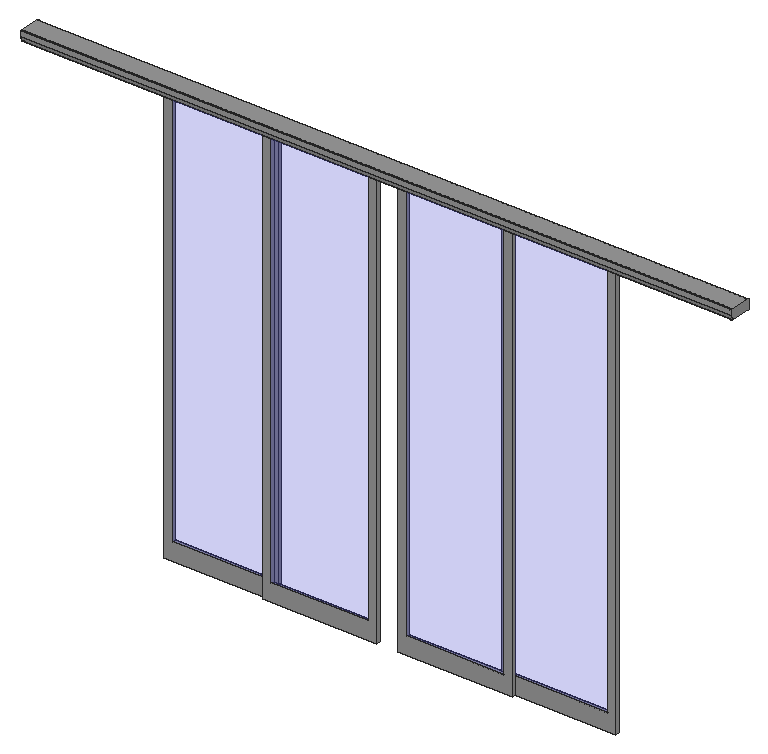
Revit family "DAS200T 4AM EN", category Doors, host Wall, Revit 2019
Family settings
  Host = Wall
  OmniClass Number = 23.30.10.00
  OmniClass Title = Doors
  Always vertical = Yes
  Cut with Voids When Loaded = No
  Shared = No
  Room Calculation Point = No
Parameters
  Width/4 = Width / 4  # 500 mm
  Weight = 320.00 kg
  Velocity = 0.7 m/s
  Uniclass 2015 Name = "Automatic sliding door operator"
  Uniclass 2.0 Description = "Sliding Doorset Systems"
  Uniclass 2.0 Code = "SS_25-30-20-77"
  Uniclass 1.4 Description = "Doors"
  Uniclass 1.4 Code = "JL20"
  Unicalss 2015 Code = "Pr 73_30_23_05"
  UNSPSC Code = "301715"
  Operator position [instance] = Calc Operator Length / 2  # 1675 mm
  Open door 2 [instance] = Open door 1 / 2  # 25 mm
  Open door 1 [instance] = if(Open door < 1 mm, 1 mm, (if(Open door < Width / 2, Open door, Width / 2)))  # 50 mm
  Open door [instance] = 50 mm
  Max Width = 4323 mm  # constant formula
  Max Operator Length = 6600 mm  # constant formula
  Frame Width = Calc Width / 4 + 40 mm  # 540 mm
  Frame = Aluminum + Glass
  Region South America = "All"
  Region Oceania = "All"
  Region North America = "All"
  Region Middle East = "All"
  Region Europe = "All"
  Region Asia = "All"
  Region Antartica = "All"
  QR code = ""
  Protection rating = "IP20"
  Product group = "Sliding Automatic Doors"
  Product family = "Automatic Doors"
  Power supply = "100÷240 Vac @ 50/60 MHz"
  Operator = Aluminum
  Operating temperature = "-20 ° C / +50 ° C"
  OmniClass Description = "Doors"
  OmniClass Code = "23-17 11 00"
  NBS Reference Description = "Sliding Doorset Systems"
  NBS Reference Code = "25-30-20-77"
  Max nominal power = "150 W"
  Masterformat 2016 Description = "Operation and Maintenance of Sliding Glass Doors"
  Masterformat 2016 Code = "08 01 32"
  Manufacturer name = "Entrematic Italy"
  Manufacturer country = "China"
  Operator Length = Calc Width + Calc Width / 2 + 40 mm  # 3040 mm
  Width = 2000 mm
  IFC Classification = "Door"
  Endurance test = "1000000 cyrcle"
  Edition number = "1"
  Drive type = "electromechanical unit"
  Dimensions = "120x265 mm"
  Design country = "Italy"
  Description = "automation for sliding doors"
  Calc Width = if(Width > 950 mm, Width, (if(Width < Max Width, Width, Max Width)))  # 2000 mm
  Calc Operator Length [instance] = if(Operator Length < Width + Width / 2 + 350 mm, Width + Width / 2 + 350 mm, (if(Operator Length < Max Operator Length, Operator Length, 5600 mm)))  # 3350 mm
  Brand url = "http://www.ditecentrematic.com/"
  Brand = "Ditec"
  BIMobject Category = "Sliding"
  Wall Closure = By host
  Auxiliary power = "1 A @ 24 Vdc"
  Height = 2000 mm
Reference planes
  plane 1: y = 0
  plane 2 "Centro (Sinistra/Destra)": x = 0
  plane 3 "Sinistra": x = -1000
  plane 4 "Destra": x = 1000
  plane 5: z = 2000
  plane 6 "Esterni": y = 75
  plane 7 "Interno": y = -75
  plane 8: x = 2640
  plane 9: x = -2640
  plane 10: y = -76
  plane 11: x = 50
  plane 12: x = -1675
  plane 13: x = 525
  plane 14: y = -91
  plane 15: x = 500
  plane 16: x = -500
  plane 17: x = -50
  plane 18: x = -525
Lines and regions (mm)
  Opening 1
    outline origin (-3050, -75, 0) x (1, 0, 0) y (0, 0, 1)
      loop
        line (2050, 0) -> (4050, 0) -> (4050, 2000) -> (2050, 2000) -> (2050, 0)
Text (mm)
  text "Exterior" at (-2295.016, 1099.543, 0), in view "Livello rif."
  text "Exterior" at (0, 1615.38, 3698.081), in view "Sinistra"
  text "Exterior" at (0, 1036.032, 3874.932), in view "Destra"
Dimensions and locks
  equal spacing: plane 3 "Sinistra", plane 2 "Centro (Sinistra/Destra)", plane 4 "Destra"
  "Calc Width": plane 3 "Sinistra" to plane 4 "Destra"
  "Height": plane 5 to host wall
  host wall to plane 5 = 2000 mm  (x2)
  locked: plane 6 "Esterni" to host wall at 0
  locked: plane 7 "Interno" to host wall
  "Open door 1": plane 11 to plane 2 "Centro (Sinistra/Destra)"
  "Width/4": plane 2 "Centro (Sinistra/Destra)" to plane 16
  "Width/4": plane 15 to plane 2 "Centro (Sinistra/Destra)"
  "Open door 2": plane 13 to plane 15
  "Open door 1": plane 2 "Centro (Sinistra/Destra)" to plane 17
  "Open door 2": plane 16 to plane 18
  "Operator position": plane 2 "Centro (Sinistra/Destra)" to plane 12
  locked: plane 7 "Interno" to plane 10 at 1
  locked: plane 10 to plane 14 at 15
  aligned and locked: plane 3 "Sinistra" to Opening 1 sketch curve
  aligned and locked: plane 5 to Opening 1 sketch curve  (x2)
  aligned and locked: Opening 1 sketch curve to plane 4 "Destra"
  aligned and locked: Opening 1 sketch curve to level
  aligned and locked: plane 1 to host wall
  aligned and locked: plane 5 to nested 2
  aligned and locked: nested 2 to plane 7 "Interno"
  aligned and locked: nested 3 to plane 10
  aligned and locked: plane 7 "Interno" to nested 4
  aligned and locked: nested 5 to plane 5
  aligned and locked: nested 7 to plane 7 "Interno"
  aligned and locked: plane 5 to nested 7
  aligned and locked: nested 5 to plane 10
  aligned and locked: nested 6 to plane 14
  aligned and locked: nested 1 to plane 14
  aligned and locked: plane 13 to nested 3
  aligned and locked: nested 5 to plane 13
  aligned and locked: plane 11 to nested 6
  aligned and locked: nested 1 to plane 11
  aligned and locked: plane 12 to nested 7
  aligned and locked: nested 2 to plane 12
  aligned and locked: nested 9 to plane 18
  aligned and locked: plane 18 to nested 10
  aligned and locked: nested 11 to plane 17
  aligned and locked: plane 17 to nested 8
  aligned and locked: nested 4 to plane 12
  aligned and locked: nested 10 to plane 10
  aligned and locked: plane 14 to nested 11
  aligned and locked: plane 10 to nested 9
  aligned and locked: plane 14 to nested 8
Nested families
  nested 1: "Frame" at (-93.022, -116, 0), Frame <- "Operator", Glass <- "Frame", Hight <- "Height", Length <- "Frame Width", type "Frame", detail levels medium+fine
    with Length 540 mm, Hight 2000 mm, Glass Aluminum + Glass, Frame Aluminum
  nested 2: "Operator" at (0, -146.5, 2000), Operator Length <- "Calc Operator Length", Operator Material <- "Operator", type "Operator", detail levels coarse+medium
    with Operator Material Aluminum, Operator Length 3350 mm
  nested 3: "Frame" at (1208.022, -101, 0) x (-1, 0, 0) z (0, 0, 1), Frame <- "Operator", Glass <- "Frame", Hight <- "Height", Length <- "Frame Width", type "Frame", detail levels medium+fine
    with Length 540 mm, Hight 2000 mm, Glass Aluminum + Glass, Frame Aluminum
  nested 4: "Family1" at (-1307.348, -140.409, 0), Operator <- "Calc Operator Length", type "Family1"
    with Operator 3350 mm
  nested 5: "Frame LOW" at (381.978, -83.5, 0), Hight <- "Height", Length <- "Frame Width", Glass <- "Frame", type "Frame LOW", detail levels coarse
    with Length 540 mm, Hight 2000 mm, Glass Aluminum + Glass, Frame none
  nested 6: "Frame LOW" at (-93.022, -98.5, 0), Hight <- "Height", Length <- "Frame Width", Glass <- "Frame", type "Frame LOW", detail levels coarse
    with Length 540 mm, Hight 2000 mm, Glass Aluminum + Glass, Frame none
  nested 7: "Operator DETTAGLIO" at (0, -146.5, 2000), Operator Length <- "Calc Operator Length", Operator Material <- "Operator", type "Operator DETTAGLIO", detail levels fine
    with Operator Material Aluminum, Operator Length 3350 mm
  nested 8: "Frame" at (93.022, -116, 0) x (-1, 0, 0) z (0, 0, 1), Frame <- "Operator", Glass <- "Frame", Hight <- "Height", Length <- "Frame Width", type "Frame", detail levels medium+fine
    with Length 540 mm, Hight 2000 mm, Glass Aluminum + Glass, Frame Aluminum
  nested 9: "Frame" at (-1208.022, -101, 0), Frame <- "Operator", Glass <- "Frame", Hight <- "Height", Length <- "Frame Width", type "Frame", detail levels medium+fine
    with Length 540 mm, Hight 2000 mm, Glass Aluminum + Glass, Frame Aluminum
  nested 10: "Frame LOW" at (-381.978, -83.5, 0) x (-1, 0, 0) z (0, 0, 1), Hight <- "Height", Length <- "Frame Width", Glass <- "Frame", type "Frame LOW", detail levels coarse
    with Length 540 mm, Hight 2000 mm, Glass Aluminum + Glass, Frame none
  nested 11: "Frame LOW" at (93.022, -98.5, 0) x (-1, 0, 0) z (0, 0, 1), Hight <- "Height", Length <- "Frame Width", Glass <- "Frame", type "Frame LOW", detail levels coarse
    with Length 540 mm, Hight 2000 mm, Glass Aluminum + Glass, Frame none
Connectors
  electrical at (0, -125, 2050)
    settings: on nested 2, index 1, voltage 100 V, apparent load 0 VA, apparent load phase1 0 VA, apparent load phase2 0 VA, apparent load phase3 0 VA, power factor 1, load classification "Altro", number of poles 1, system type 31, power factor state 1, is connector primary yes, connector utility no, sub classification motor no, connector description ""
Definition of nested family "Frame"
  Parameters (values of type "Frame")
    Glass [instance] = none
    Frame [instance] = none
    Length [instance] = 1000 mm
    Hight [instance] = 2000 mm
  Reference planes
    plane 1 "Centro (Fronte/Retro)": y = 0
    plane 2: z = 0
    plane 3 "Centro (Sinistra/Destra)": x = 0
    plane 4: x = 683.022
    plane 5: x = -316.978
    plane 6: x = -276.978
    plane 7: x = 643.022
    plane 8: z = 2000
    plane 9: y = 10
    plane 10: y = 25
    plane 11: z = 80
    plane 12: z = 1960
  Forms (mm)
    Extrusion 1, solid, material <- "Frame"
      sketch origin (0, 0, 0) x (1, 0, 0) y (0, 0, 1)
        loop
          line (683.022, 0) -> (683.022, 2000) -> (-316.978, 2000) -> (-316.978, 0) -> (683.022, 0)
        loop
          line (-276.978, 1960) -> (-276.978, 80) -> (643.022, 80) -> (643.022, 1960) -> (-276.978, 1960)
      from -25 to -10
    Extrusion 2, solid, material <- "Glass"
      sketch origin (0, 0, 0) x (1, 0, 0) y (0, 0, 1)
        loop
          line (643.022, 1960) -> (-276.978, 1960) -> (-276.978, 80) -> (643.022, 80) -> (643.022, 1960)
      from -25 to -10
  Lines and regions (mm)
    symbolic lines, detail levels medium+fine
      curve 1: line (683.022, 25, 0) -> (-316.978, 25, 0)
      curve 2: line (-316.978, 10, 0) -> (683.022, 10, 0)
      curve 3: line (-316.978, 25, 0) -> (-316.978, 10, 0)
      curve 4: line (-276.978, 25, 0) -> (-276.978, 10, 0)
      curve 5: line (643.022, 10, 0) -> (643.022, 25, 0)
      curve 6: line (683.022, 10, 0) -> (683.022, 25, 0)
    symbolic lines, detail levels fine
      curve 7: line (-276.978, 22.02, 0) -> (643.022, 22.02, 0)
      curve 8: line (643.022, 12.645, 0) -> (-276.978, 12.645, 0)
  Dimensions and locks
    locked: plane 7 to plane 4 at 40
    locked: plane 5 to plane 6 at 40
    plane 8 to plane 2 = 2000 mm
    plane 10 to plane 9 to plane 1 "Centro (Fronte/Retro)" = 15 mm, 10 mm
    locked: plane 12 to plane 8 at 40
    locked: plane 2 to plane 11 at 80
    "Length": plane 4 to plane 5
    "Hight": plane 8 to plane 2
    aligned and locked: level to plane 2
    aligned and locked: plane 4 to Extrusion 1 sketch curve
    aligned and locked: plane 2 to Extrusion 1 sketch curve
    aligned and locked: plane 5 to Extrusion 1 sketch curve
    aligned and locked: plane 8 to Extrusion 1 sketch curve
    aligned and locked: plane 12 to Extrusion 1 sketch curve
    aligned and locked: plane 7 to Extrusion 1 sketch curve
    aligned and locked: plane 11 to Extrusion 1 sketch curve
    aligned and locked: plane 6 to Extrusion 1 sketch curve
    aligned and locked: plane 10 to Extrusion 1
    aligned and locked: Extrusion 1 to plane 9
    aligned and locked: Extrusion 2 sketch curve to plane 12
    aligned and locked: Extrusion 2 sketch curve to plane 7
    aligned and locked: Extrusion 2 sketch curve to plane 6
    aligned and locked: Extrusion 2 sketch curve to plane 11
    aligned and locked: Extrusion 2 to plane 9
    aligned and locked: curve 1 to Extrusion 1
    aligned and locked: curve 2 to Extrusion 1
    aligned and locked: curve 3 to Extrusion 1
    aligned and locked: curve 4 to Extrusion 2
    aligned and locked: curve 5 to Extrusion 2
    aligned and locked: curve 6 to Extrusion 1
  Automatic sketch dimensions
    curve 1 to plane 5 = 0 mm
    curve 4 to plane 6 = 0 mm
    curve 8 to plane 7 = 0 mm
    curve 6 to plane 4 = 0 mm
    curve 4 to plane 9 = 0 mm
    curve 6 to plane 10 = 0 mm
    plane 9 to curve 8 = 2.645 mm
    curve 7 to curve 4 = 2.98 mm
Definition of nested family "Operator"
  Parameters (values of type "Operator")
    Operator Material [instance] = none
    Operator Length [instance] = 3000 mm
  Reference planes
    plane 1 "Centro (Fronte/Retro)": y = 0
    plane 2: z = 0
    plane 3 "Centro (Sinistra/Destra)": x = 0
    plane 4: y = 71.5
    plane 5: y = -28.5
    plane 6: x = -1500
    plane 7: x = 1500
    plane 8: z = 50
  Forms (mm)
    Extrusion 1, solid, material <- "Operator Material"
      sketch origin (0, 0, 0) x (1, 0, 0) y (0, 1, 0)
        loop
          line (-1500, 71.5) -> (-1500, -28.5) -> (1500, -28.5) -> (1500, 71.5) -> (-1500, 71.5)
      from 0 to 50
  Dimensions and locks
    equal spacing: plane 6, plane 3 "Centro (Sinistra/Destra)", plane 7
    plane 8 to plane 2 = 50 mm
    plane 4 to plane 5 = 100 mm
    "Operator Length": plane 6 to plane 7
    aligned and locked: level to plane 2
    aligned and locked: Extrusion 1 sketch curve to plane 4
    aligned and locked: Extrusion 1 sketch curve to plane 6
    aligned and locked: Extrusion 1 sketch curve to plane 7
  Automatic sketch dimensions
    plane 5 to Extrusion 1 sketch curve = 0 mm
Definition of nested family "Frame LOW"
  Parameters (values of type "Frame LOW")
    Glass [instance] = none
    Frame [instance] = none
    Length [instance] = 1000 mm
    Hight [instance] = 2000 mm
  Reference planes
    plane 1 "Centro (Fronte/Retro)": y = 0
    plane 2: z = 0
    plane 3 "Centro (Sinistra/Destra)": x = 0
    plane 4: x = 683.022
    plane 5: x = -316.978
    plane 6: x = -276.978
    plane 7: x = 643.022
    plane 8: z = 2000
    plane 9: y = -7.5
    plane 10: y = 7.5
    plane 11: z = 80
    plane 12: z = 1960
  Forms (mm)
    Extrusion 1, solid, material <- "Glass"
      sketch origin (0, 0, 0) x (1, 0, 0) y (0, 0, 1)
        loop
          line (683.022, 2000) -> (-316.978, 2000) -> (-316.978, 0) -> (683.022, 0) -> (683.022, 2000)
      from -7.5 to 7.5
  Dimensions and locks
    locked: plane 7 to plane 4 at 40
    locked: plane 5 to plane 6 at 40
    plane 8 to plane 2 = 2000 mm
    plane 10 to plane 1 "Centro (Fronte/Retro)" to plane 9 = 7.5 mm, 7.5 mm
    locked: plane 12 to plane 8 at 40
    locked: plane 2 to plane 11 at 80
    "Length": plane 4 to plane 5
    "Hight": plane 8 to plane 2
    aligned and locked: level to plane 2
    aligned and locked: Extrusion 1 sketch curve to plane 5
    aligned and locked: plane 8 to Extrusion 1 sketch curve
    aligned and locked: Extrusion 1 sketch curve to plane 4
    aligned and locked: plane 2 to Extrusion 1 sketch curve
    aligned and locked: plane 10 to Extrusion 1
    aligned and locked: Extrusion 1 to plane 9
Definition of nested family "Operator DETTAGLIO"
  Parameters (values of type "Operator DETTAGLIO")
    Operator Material [instance] = none
    Operator Length [instance] = 2000 mm
  Reference planes
    plane 1 "Centro (Fronte/Retro)": y = 0
    plane 2: z = 0
    plane 3 "Centro (Sinistra/Destra)": x = 0
    plane 4: y = 71.5
    plane 5: y = -71.5
    plane 6: x = -1000
    plane 7: x = 1000
    plane 8: z = 120
    plane 9: x = -280
    plane 10: x = 280
    plane 11: y = 68.044
    plane 12: x = -963.344
  Forms (mm)
    Extrusion 1, solid, material <- "Operator Material"
      sketch origin (0, 0.003, 63.383) x (0, 1, 0) y (0, 0, 1)
        loop
          arc (70.713, -63.383) -> (71.269, -63.153) -> (71.5, -62.596) r 0.787
          line (71.5, -62.596) -> (71.5, -16.533)
          arc (71.5, -16.533) -> (71.269, -15.976) -> (70.713, -15.746) r 0.787
          line (70.713, -15.746) -> (-21.686, -15.746) -> (-27.516, -16.57) -> (-27.516, -17.946) -> (-28.5, -19.559) -> (-28.5, -44.092) -> (-22.409, -62.839)
          arc (-22.409, -62.839) -> (-22.123, -63.233) -> (-21.66, -63.383) r 0.787
          line (-21.66, -63.383) -> (70.713, -63.383)
      from -1000 to 1000
  Dimensions and locks
    equal spacing: plane 6, plane 3 "Centro (Sinistra/Destra)", plane 7
    equal spacing: plane 4, plane 1 "Centro (Fronte/Retro)", plane 5
    plane 8 to plane 2 = 120 mm
    locked: plane 4 to plane 5 at 143
    "Operator Length": plane 6 to plane 7
    locked: plane 9 to plane 3 "Centro (Sinistra/Destra)" at 280
    locked: plane 3 "Centro (Sinistra/Destra)" to plane 10 at 280
    locked: plane 11 to plane 4 at 3.456
    aligned and locked: level to plane 2
    aligned and locked: plane 7 to Extrusion 1
    aligned and locked: Extrusion 1 to plane 6
    aligned and locked: plane 2 to Extrusion 1 sketch curve
  Automatic sketch dimensions
    Extrusion 1 sketch curve to plane 1 "Centro (Fronte/Retro)" = 28.497 mm
    Extrusion 1 sketch curve to plane 1 "Centro (Fronte/Retro)" = 27.512 mm
    Extrusion 1 sketch curve to level = 0.544 mm
    Extrusion 1 sketch curve to plane 1 "Centro (Fronte/Retro)" = 22.405 mm
    Extrusion 1 sketch curve to plane 1 "Centro (Fronte/Retro)" = 21.682 mm
    Extrusion 1 sketch curve to Extrusion 1 sketch curve = 0.749 mm
    plane 4 to Extrusion 1 sketch curve = 0.784 mm  (x2)
    Extrusion 1 sketch curve to plane 4 = 0.003 mm
    Extrusion 1 sketch curve to level = 19.291 mm
    Extrusion 1 sketch curve to Extrusion 1 sketch curve = 24.533 mm
    Extrusion 1 sketch curve to Extrusion 1 sketch curve = 1.613 mm
    Extrusion 1 sketch curve to Extrusion 1 sketch curve = 1.377 mm
    Extrusion 1 sketch curve to Extrusion 1 sketch curve = 46.063 mm
Definition of nested family "Family1"
  Parameters (values of type "Family1")
    Operator [instance] = 722.652 mm
  Reference planes
    plane 1 "Center (Front/Back)": y = 0
    plane 2: z = 0
    plane 3 "Center (Left/Right)": x = 0
    plane 4: x = -367.652
    plane 5: x = 355
    plane 6: y = 65.409
    plane 7: y = -35.362
    plane 8: y = -35.362
  Lines and regions (mm)
    detail lines, in view "Ref. Level"
      curve 1: line (-367.652, 65.409, 0) -> (355, 65.409, 0)
      curve 2: line (-367.652, -35.362, 0) -> (355, -35.362, 0)
      curve 3: line (-367.652, 65.409, 0) -> (-367.652, -35.362, 0)
      curve 4: line (355, 65.409, 0) -> (355, -35.362, 0)
  Dimensions and locks
    "Operator": plane 4 to plane 5
  Automatic sketch dimensions
    curve 2 to plane 7 = 0 mm
    curve 1 to plane 6 = 0 mm
    curve 1 to plane 4 = 0 mm
    plane 5 to curve 2 = 0 mm
